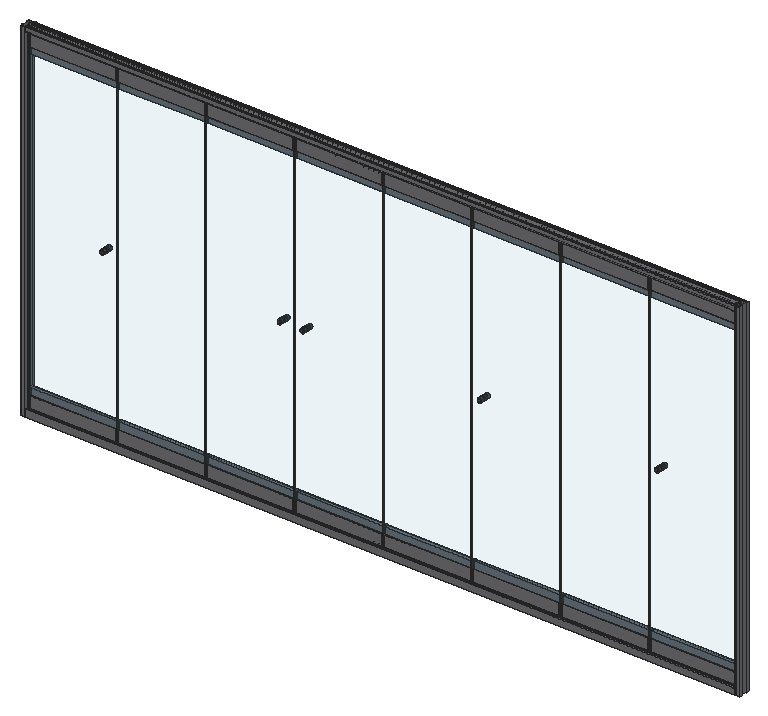
Revit family "QFL8 RH 2380", category Doors, host Wall, Revit 2024
Family settings
  Host = Wall
  OmniClass Number = 23.30.10.00
  OmniClass Title = Doors
  Always vertical = Yes
  Cut with Voids When Loaded = No
  Shared = No
  Room Calculation Point = No
Parameters
  Function = Interior
  Frame Projection Ext. = 25 mm
  Frame Projection Int. = 25 mm
  Frame Width = 75 mm
  Height = 2383 mm
  Wall Closure = By host
  Width = 4914 mm
  Define Thermal Properties by = Schematic Type
  Analytic Construction = "<None>"
Reference planes
  plane 1: y = 0
  plane 2 "Center (Left/Right)": x = 0
  plane 3 "Left": x = -2457
  plane 4 "Right": x = 2457
  plane 5: z = 2383
  plane 6 "Exterior": y = 75
  plane 7 "Interior": y = -75
Forms (mm)
  Extrusion 1, solid, material "ALUMINIUM CHAR (TEST)"
    sketch origin (-0.37, 0, 0) x (1, 0, 0) y (0, 1, 0)
      loop
        line (2457.37, 37.5) -> (2427.37, 37.5) -> (2427.37, 34.4) -> (2428.37, 34.4) -> (2428.37, 35.9) -> (2429.87, 35.9) -> (2429.87, 28.3) -> (2428.37, 28.3) -> (2428.37, 29.8) -> (2427.37, 29.8) -> (2427.37, 1.2) -> (2428.37, 1.2) -> (2428.37, 2.7) -> (2429.87, 2.7) -> (2429.87, -4.9) -> (2428.37, -4.9) -> (2428.37, -3.4) -> (2427.37, -3.4) -> (2427.37, -13.1) -> (2423.37, -13.1) -> (2423.37, -11)
        arc (2423.37, -11) -> (2423.224, -10.646) -> (2422.87, -10.5) r 0.5
        line (2422.87, -10.5) -> (2420.12, -10.5) -> (2420.12, -11.5) -> (2421.72, -11.5) -> (2421.72, -13.1) -> (2414.02, -13.1) -> (2414.02, -11.5) -> (2415.62, -11.5) -> (2415.62, -10.5) -> (2412.87, -10.5)
        arc (2412.87, -10.5) -> (2412.517, -10.646) -> (2412.37, -11) r 0.5
        line (2412.37, -11) -> (2412.37, -14.4)
        arc (2412.37, -14.4) -> (2412.517, -14.754) -> (2412.87, -14.9) r 0.5
        line (2412.87, -14.9) -> (2427.37, -14.9) -> (2427.37, -37.5) -> (2457.37, -37.5) -> (2457.37, -22) -> (2455.87, -22) -> (2455.87, -24.5) -> (2452.87, -24.5) -> (2452.87, 24.5) -> (2455.87, 24.5) -> (2455.87, 22) -> (2457.37, 22) -> (2457.37, 37.5)
      loop
        line (2455.37, 26.3) -> (2455.37, 35.5) -> (2431.67, 35.5) -> (2431.67, 27.7)
        arc (2431.67, 27.7) -> (2431.377, 26.993) -> (2430.67, 26.7) r 1
        line (2430.67, 26.7) -> (2429.37, 26.7) -> (2429.37, 4.3) -> (2430.67, 4.3)
        arc (2430.67, 4.3) -> (2431.377, 4.007) -> (2431.67, 3.3) r 1
        line (2431.67, 3.3) -> (2431.67, -5.5)
        arc (2431.67, -5.5) -> (2431.377, -6.207) -> (2430.67, -6.5) r 1
        line (2430.67, -6.5) -> (2429.17, -6.5) -> (2429.17, -35.5) -> (2455.37, -35.5) -> (2455.37, -26.3) -> (2452.47, -26.3)
        arc (2452.47, -26.3) -> (2451.48, -25.89) -> (2451.07, -24.9) r 1.4
        line (2451.07, -24.9) -> (2451.07, 24.9)
        arc (2451.07, 24.9) -> (2451.48, 25.89) -> (2452.47, 26.3) r 1.4
        line (2452.47, 26.3) -> (2455.37, 26.3)
      loop
        line (-2456.63, 37.5) -> (-2456.63, 22) -> (-2455.13, 22) -> (-2455.13, 24.5) -> (-2452.13, 24.5) -> (-2452.13, -24.5) -> (-2455.13, -24.5) -> (-2455.13, -22) -> (-2456.63, -22) -> (-2456.63, -37.5) -> (-2426.63, -37.5) -> (-2426.63, -14.9) -> (-2412.13, -14.9)
        arc (-2412.13, -14.9) -> (-2411.776, -14.754) -> (-2411.63, -14.4) r 0.5
        line (-2411.63, -14.4) -> (-2411.63, -11)
        arc (-2411.63, -11) -> (-2411.776, -10.646) -> (-2412.13, -10.5) r 0.5
        line (-2412.13, -10.5) -> (-2414.88, -10.5) -> (-2414.88, -11.5) -> (-2413.28, -11.5) -> (-2413.28, -13.1) -> (-2420.98, -13.1) -> (-2420.98, -11.5) -> (-2419.38, -11.5) -> (-2419.38, -10.5) -> (-2422.13, -10.5)
        arc (-2422.13, -10.5) -> (-2422.483, -10.646) -> (-2422.63, -11) r 0.5
        line (-2422.63, -11) -> (-2422.63, -13.1) -> (-2426.63, -13.1) -> (-2426.63, -3.4) -> (-2427.63, -3.4) -> (-2427.63, -4.9) -> (-2429.13, -4.9) -> (-2429.13, 2.7) -> (-2427.63, 2.7) -> (-2427.63, 1.2) -> (-2426.63, 1.2) -> (-2426.63, 29.8) -> (-2427.63, 29.8) -> (-2427.63, 28.3) -> (-2429.13, 28.3) -> (-2429.13, 35.9) -> (-2427.63, 35.9) -> (-2427.63, 34.4) -> (-2426.63, 34.4) -> (-2426.63, 37.5) -> (-2456.63, 37.5)
      loop
        line (-2454.63, 26.3) -> (-2451.73, 26.3)
        arc (-2451.73, 26.3) -> (-2450.74, 25.89) -> (-2450.33, 24.9) r 1.4
        line (-2450.33, 24.9) -> (-2450.33, -24.9)
        arc (-2450.33, -24.9) -> (-2450.74, -25.89) -> (-2451.73, -26.3) r 1.4
        line (-2451.73, -26.3) -> (-2454.63, -26.3) -> (-2454.63, -35.5) -> (-2428.43, -35.5) -> (-2428.43, -6.5) -> (-2429.93, -6.5)
        arc (-2429.93, -6.5) -> (-2430.637, -6.207) -> (-2430.93, -5.5) r 1
        line (-2430.93, -5.5) -> (-2430.93, 3.3)
        arc (-2430.93, 3.3) -> (-2430.637, 4.007) -> (-2429.93, 4.3) r 1
        line (-2429.93, 4.3) -> (-2428.63, 4.3) -> (-2428.63, 26.7) -> (-2429.93, 26.7)
        arc (-2429.93, 26.7) -> (-2430.637, 26.993) -> (-2430.93, 27.7) r 1
        line (-2430.93, 27.7) -> (-2430.93, 35.5) -> (-2454.63, 35.5) -> (-2454.63, 26.3)
    from 0 to 2383
  Extrusion 2, solid, material "ALUMINIUM CHAR (TEST)"
    sketch origin (-943.37, 0, 0) x (0, -1, 0) y (0, 0, 1)
      loop
        line (-36.55, 18) -> (-36.55, 20.5) -> (-37.5, 20.5) -> (-37.5, 0) -> (-35.5, 0) -> (-35.5, 2) -> (-13.5, 2) -> (-13.5, 0) -> (-11.5, 0) -> (-11.5, 2) -> (10.5, 2) -> (10.5, 0) -> (12.5, 0) -> (12.5, 2) -> (35.5, 2) -> (35.5, 0) -> (37.5, 0) -> (37.5, 44.5)
        arc (37.5, 44.5) -> (37.354, 44.854) -> (37, 45) r 0.5
        line (37, 45) -> (32.199, 45) -> (31.492, 44.5) -> (26.524, 44.5) -> (25.817, 45) -> (22.199, 45) -> (21.492, 44.5) -> (16.524, 44.5) -> (15.817, 44.999) -> (11.001, 44.999)
        arc (11.001, 44.999) -> (10.648, 44.853) -> (10.502, 44.501) r 0.499
        line (10.502, 44.501) -> (10.502, 41.75) -> (11.5, 41.75) -> (11.5, 43.35) -> (13.1, 43.35) -> (13.1, 35.65) -> (11.5, 35.65) -> (11.5, 37.25) -> (10.5, 37.25) -> (10.5, 11.9)
        arc (10.5, 11.9) -> (10.061, 10.839) -> (9, 10.4) r 1.5
        line (9, 10.4) -> (3, 10.4)
        arc (3, 10.4) -> (1.939, 10.839) -> (1.5, 11.9) r 1.5
        line (1.5, 11.9) -> (1.5, 20)
        arc (1.5, 20) -> (0.851, 21.475) -> (-0.674, 21.992) r 2
        line (-0.674, 21.992) -> (-9.95, 20.504) -> (-9.95, 18) -> (-36.55, 18)
      loop
        line (10.5, 4.2) -> (10.5, 8.4) -> (3, 8.4)
        arc (3, 8.4) -> (0.525, 9.425) -> (-0.5, 11.9) r 3.5
        line (-0.5, 11.9) -> (-0.5, 20.057) -> (-7.95, 18.629) -> (-7.95, 16) -> (-35.5, 16) -> (-35.5, 4.2) -> (10.5, 4.2)
      loop
        line (12.5, 4.2) -> (35.5, 4.2) -> (35.5, 43) -> (15.1, 43) -> (15.1, 34) -> (12.5, 34) -> (12.5, 4.2)
      loop
        arc (-37.5, 2354) -> (-37.207, 2353.293) -> (-36.5, 2353) r 1
        line (-36.5, 2353) -> (-34.25, 2353) -> (-34.25, 2354) -> (-35.85, 2354) -> (-35.85, 2355.6) -> (-28.15, 2355.6) -> (-28.15, 2354) -> (-29.75, 2354) -> (-29.75, 2353) -> (-25.9, 2353)
        arc (-25.9, 2353) -> (-24.486, 2353.586) -> (-23.9, 2355) r 2
        line (-23.9, 2355) -> (-23.9, 2376.2)
        arc (-23.9, 2376.2) -> (-23.754, 2376.554) -> (-23.4, 2376.7) r 0.5
        line (-23.4, 2376.7) -> (-6.85, 2376.7) -> (-6.85, 2355)
        arc (-6.85, 2355) -> (-6.264, 2353.586) -> (-4.85, 2353) r 2
        line (-4.85, 2353) -> (13.1, 2353) -> (13.1, 2349) -> (11, 2349)
        arc (11, 2349) -> (10.646, 2348.854) -> (10.5, 2348.5) r 0.5
        line (10.5, 2348.5) -> (10.5, 2345.75) -> (11.5, 2345.75) -> (11.5, 2347.35) -> (13.1, 2347.35) -> (13.1, 2339.65) -> (11.5, 2339.65) -> (11.5, 2341.25) -> (10.5, 2341.25) -> (10.5, 2338.5)
        arc (10.5, 2338.5) -> (10.646, 2338.146) -> (11, 2338) r 0.5
        line (11, 2338) -> (14.4, 2338)
        arc (14.4, 2338) -> (14.754, 2338.146) -> (14.9, 2338.5) r 0.5
        line (14.9, 2338.5) -> (14.9, 2353) -> (36.5, 2353)
        arc (36.5, 2353) -> (37.207, 2353.293) -> (37.5, 2354) r 1
        line (37.5, 2354) -> (37.5, 2383) -> (22, 2383) -> (22, 2381.5) -> (24.5, 2381.5) -> (24.5, 2378.5) -> (-24.5, 2378.5) -> (-24.5, 2381.5) -> (-22, 2381.5) -> (-22, 2383) -> (-25.4, 2383)
        arc (-25.4, 2383) -> (-26.107, 2382.707) -> (-26.4, 2382) r 1
        line (-26.4, 2382) -> (-26.4, 2370.5)
        arc (-26.4, 2370.5) -> (-26.546, 2370.146) -> (-26.9, 2370) r 0.5
        line (-26.9, 2370) -> (-35, 2370)
        arc (-35, 2370) -> (-35.354, 2370.146) -> (-35.5, 2370.5) r 0.5
        line (-35.5, 2370.5) -> (-35.5, 2380.5)
        arc (-35.5, 2380.5) -> (-35.354, 2380.854) -> (-35, 2381) r 0.5
        line (-35, 2381) -> (-33.5, 2381) -> (-33.5, 2383) -> (-36.5, 2383)
        arc (-36.5, 2383) -> (-37.207, 2382.707) -> (-37.5, 2382) r 1
        line (-37.5, 2382) -> (-37.5, 2354)
      loop
        line (35.5, 2355) -> (35.5, 2381) -> (26.3, 2381) -> (26.3, 2378.1)
        arc (26.3, 2378.1) -> (25.89, 2377.11) -> (24.9, 2376.7) r 1.4
        line (24.9, 2376.7) -> (-4.85, 2376.7) -> (-4.85, 2355.5)
        arc (-4.85, 2355.5) -> (-4.704, 2355.146) -> (-4.35, 2355) r 0.5
        line (-4.35, 2355) -> (35.5, 2355)
      loop
        line (-26.4, 2357.2) -> (-26.4, 2367.5)
        arc (-26.4, 2367.5) -> (-26.546, 2367.854) -> (-26.9, 2368) r 0.5
        line (-26.9, 2368) -> (-35, 2368)
        arc (-35, 2368) -> (-35.354, 2367.854) -> (-35.5, 2367.5) r 0.5
        line (-35.5, 2367.5) -> (-35.5, 2357.2) -> (-26.4, 2357.2)
    from -3370.37 to 1483.63
  Extrusion 3, solid, material "ALUMINIUM CHAR (TEST)"
    sketch origin (597, 0, 0) x (0, -1, 0) y (0, 0, 1)
      loop
        line (10.504, 2344) -> (8.704, 2344) -> (8.704, 2342) -> (5.604, 2342) -> (5.604, 2340.4) -> (8.754, 2340.4) -> (8.754, 2328.033) -> (8.2, 2326.985) -> (8.2, 2324) -> (-31.196, 2324) -> (-31.196, 2326.92) -> (-31.705, 2327.883) -> (-31.705, 2340.4) -> (-28.596, 2340.4) -> (-28.596, 2342) -> (-31.696, 2342) -> (-31.696, 2344) -> (-33.496, 2344) -> (-33.496, 2219) -> (-23.496, 2209) -> (2.504, 2209) -> (2.504, 2254) -> (10.504, 2254) -> (10.504, 2344)
      loop
        line (8.714, 2256) -> (8.714, 2322.2) -> (-31.705, 2322.2) -> (-31.705, 2220.038) -> (-22.467, 2210.8) -> (0.504, 2210.8) -> (0.504, 2256) -> (8.714, 2256)
      loop
        line (10.504, 31) -> (10.504, 121) -> (2.504, 121) -> (2.504, 166) -> (-23.496, 166) -> (-33.496, 156) -> (-33.496, 31) -> (-31.696, 31) -> (-31.696, 33) -> (-28.596, 33) -> (-28.596, 34.6) -> (-31.705, 34.6) -> (-31.705, 47.117) -> (-31.196, 48.08) -> (-31.196, 51) -> (8.2, 51) -> (8.2, 48.015) -> (8.754, 46.967) -> (8.754, 34.6) -> (5.604, 34.6) -> (5.604, 33) -> (8.704, 33) -> (8.704, 31) -> (10.504, 31)
      loop
        line (8.714, 119) -> (0.504, 119) -> (0.504, 164.2) -> (-22.467, 164.2) -> (-31.705, 154.962) -> (-31.705, 52.8) -> (8.714, 52.8) -> (8.714, 119)
    from -1 to 589
  Extrusion 4, solid, material "ALUMINIUM CHAR (TEST)"
    sketch origin (598, 0, 0) x (0, -1, 0) y (0, 0, -1)
      loop
        line (-33.496, -156) -> (-23.496, -166) -> (2.504, -166) -> (2.504, -121) -> (10.504, -121) -> (10.504, -31) -> (5.604, -31) -> (5.604, -51) -> (-28.596, -51) -> (-28.596, -31) -> (-33.496, -31) -> (-33.496, -156)
      loop
        line (-33.496, -2344) -> (-28.596, -2344) -> (-28.596, -2324) -> (5.604, -2324) -> (5.604, -2344) -> (10.504, -2344) -> (10.504, -2254) -> (2.504, -2254) -> (2.504, -2209) -> (-23.496, -2209) -> (-33.496, -2219) -> (-33.496, -2344)
    from 0 to 5
  Extrusion 5, solid, material "ALUMINIUM CHAR (TEST)"
    sketch origin (8, 0, 0) x (0, -1, 0) y (0, 0, 1)
      loop
        line (-33.496, 156) -> (-33.496, 31) -> (-28.596, 31) -> (-28.596, 51) -> (5.604, 51) -> (5.604, 31) -> (10.504, 31) -> (10.504, 121) -> (2.504, 121) -> (2.504, 166) -> (-23.496, 166) -> (-33.496, 156)
      loop
        line (-33.496, 2344) -> (-33.496, 2219) -> (-23.496, 2209) -> (2.504, 2209) -> (2.504, 2254) -> (10.504, 2254) -> (10.504, 2344) -> (5.604, 2344) -> (5.604, 2324) -> (-28.596, 2324) -> (-28.596, 2344) -> (-33.496, 2344)
    from 0 to 5
  Extrusion 6, solid, material "ALUMINIUM CHAR (TEST)"
    sketch origin (1203, 0, 0) x (0, -1, 0) y (0, 0, 1)
      loop
        line (10.504, 2344) -> (8.704, 2344) -> (8.704, 2342) -> (5.604, 2342) -> (5.604, 2340.4) -> (8.754, 2340.4) -> (8.754, 2328.033) -> (8.2, 2326.985) -> (8.2, 2324) -> (-31.196, 2324) -> (-31.196, 2326.92) -> (-31.705, 2327.883) -> (-31.705, 2340.4) -> (-28.596, 2340.4) -> (-28.596, 2342) -> (-31.696, 2342) -> (-31.696, 2344) -> (-33.496, 2344) -> (-33.496, 2219) -> (-23.496, 2209) -> (2.504, 2209) -> (2.504, 2254) -> (10.504, 2254) -> (10.504, 2344)
      loop
        line (8.714, 2256) -> (8.714, 2322.2) -> (-31.705, 2322.2) -> (-31.705, 2220.038) -> (-22.467, 2210.8) -> (0.504, 2210.8) -> (0.504, 2256) -> (8.714, 2256)
      loop
        line (10.504, 31) -> (10.504, 121) -> (2.504, 121) -> (2.504, 166) -> (-23.496, 166) -> (-33.496, 156) -> (-33.496, 31) -> (-31.696, 31) -> (-31.696, 33) -> (-28.596, 33) -> (-28.596, 34.6) -> (-31.705, 34.6) -> (-31.705, 47.117) -> (-31.196, 48.08) -> (-31.196, 51) -> (8.2, 51) -> (8.2, 48.015) -> (8.754, 46.967) -> (8.754, 34.6) -> (5.604, 34.6) -> (5.604, 33) -> (8.704, 33) -> (8.704, 31) -> (10.504, 31)
      loop
        line (8.714, 119) -> (0.504, 119) -> (0.504, 164.2) -> (-22.467, 164.2) -> (-31.705, 154.962) -> (-31.705, 52.8) -> (8.714, 52.8) -> (8.714, 119)
    from -1 to 589
  Extrusion 7, solid, material "ALUMINIUM CHAR (TEST)"
    sketch origin (1204, 0, 0) x (0, -1, 0) y (0, 0, -1)
      loop
        line (-33.496, -156) -> (-23.496, -166) -> (2.504, -166) -> (2.504, -121) -> (10.504, -121) -> (10.504, -31) -> (5.604, -31) -> (5.604, -51) -> (-28.596, -51) -> (-28.596, -31) -> (-33.496, -31) -> (-33.496, -156)
      loop
        line (-33.496, -2344) -> (-28.596, -2344) -> (-28.596, -2324) -> (5.604, -2324) -> (5.604, -2344) -> (10.504, -2344) -> (10.504, -2254) -> (2.504, -2254) -> (2.504, -2209) -> (-23.496, -2209) -> (-33.496, -2219) -> (-33.496, -2344)
    from 0 to 5
  Extrusion 8, solid, material "ALUMINIUM CHAR (TEST)"
    sketch origin (614, 0, 0) x (0, -1, 0) y (0, 0, 1)
      loop
        line (-33.496, 156) -> (-33.496, 31) -> (-28.596, 31) -> (-28.596, 51) -> (5.604, 51) -> (5.604, 31) -> (10.504, 31) -> (10.504, 121) -> (2.504, 121) -> (2.504, 166) -> (-23.496, 166) -> (-33.496, 156)
      loop
        line (-33.496, 2344) -> (-33.496, 2219) -> (-23.496, 2209) -> (2.504, 2209) -> (2.504, 2254) -> (10.504, 2254) -> (10.504, 2344) -> (5.604, 2344) -> (5.604, 2324) -> (-28.596, 2324) -> (-28.596, 2344) -> (-33.496, 2344)
    from 0 to 5
  Extrusion 9, solid, material "ALUMINIUM CHAR (TEST)"
    sketch origin (1809, 0, 0) x (0, -1, 0) y (0, 0, 1)
      loop
        line (10.504, 2344) -> (8.704, 2344) -> (8.704, 2342) -> (5.604, 2342) -> (5.604, 2340.4) -> (8.754, 2340.4) -> (8.754, 2328.033) -> (8.2, 2326.985) -> (8.2, 2324) -> (-31.196, 2324) -> (-31.196, 2326.92) -> (-31.705, 2327.883) -> (-31.705, 2340.4) -> (-28.596, 2340.4) -> (-28.596, 2342) -> (-31.696, 2342) -> (-31.696, 2344) -> (-33.496, 2344) -> (-33.496, 2219) -> (-23.496, 2209) -> (2.504, 2209) -> (2.504, 2254) -> (10.504, 2254) -> (10.504, 2344)
      loop
        line (8.714, 2256) -> (8.714, 2322.2) -> (-31.705, 2322.2) -> (-31.705, 2220.038) -> (-22.467, 2210.8) -> (0.504, 2210.8) -> (0.504, 2256) -> (8.714, 2256)
      loop
        line (10.504, 31) -> (10.504, 121) -> (2.504, 121) -> (2.504, 166) -> (-23.496, 166) -> (-33.496, 156) -> (-33.496, 31) -> (-31.696, 31) -> (-31.696, 33) -> (-28.596, 33) -> (-28.596, 34.6) -> (-31.705, 34.6) -> (-31.705, 47.117) -> (-31.196, 48.08) -> (-31.196, 51) -> (8.2, 51) -> (8.2, 48.015) -> (8.754, 46.967) -> (8.754, 34.6) -> (5.604, 34.6) -> (5.604, 33) -> (8.704, 33) -> (8.704, 31) -> (10.504, 31)
      loop
        line (8.714, 119) -> (0.504, 119) -> (0.504, 164.2) -> (-22.467, 164.2) -> (-31.705, 154.962) -> (-31.705, 52.8) -> (8.714, 52.8) -> (8.714, 119)
    from -1 to 589
  Extrusion 10, solid, material "ALUMINIUM CHAR (TEST)"
    sketch origin (1810, 0, 0) x (0, -1, 0) y (0, 0, -1)
      loop
        line (-33.496, -156) -> (-23.496, -166) -> (2.504, -166) -> (2.504, -121) -> (10.504, -121) -> (10.504, -31) -> (5.604, -31) -> (5.604, -51) -> (-28.596, -51) -> (-28.596, -31) -> (-33.496, -31) -> (-33.496, -156)
      loop
        line (-33.496, -2344) -> (-28.596, -2344) -> (-28.596, -2324) -> (5.604, -2324) -> (5.604, -2344) -> (10.504, -2344) -> (10.504, -2254) -> (2.504, -2254) -> (2.504, -2209) -> (-23.496, -2209) -> (-33.496, -2219) -> (-33.496, -2344)
    from 0 to 5
  Extrusion 11, solid, material "ALUMINIUM CHAR (TEST)"
    sketch origin (1220, 0, 0) x (0, -1, 0) y (0, 0, 1)
      loop
        line (-33.496, 156) -> (-33.496, 31) -> (-28.596, 31) -> (-28.596, 51) -> (5.604, 51) -> (5.604, 31) -> (10.504, 31) -> (10.504, 121) -> (2.504, 121) -> (2.504, 166) -> (-23.496, 166) -> (-33.496, 156)
      loop
        line (-33.496, 2344) -> (-33.496, 2219) -> (-23.496, 2209) -> (2.504, 2209) -> (2.504, 2254) -> (10.504, 2254) -> (10.504, 2344) -> (5.604, 2344) -> (5.604, 2324) -> (-28.596, 2324) -> (-28.596, 2344) -> (-33.496, 2344)
    from 0 to 5
  Extrusion 12, solid, material "ALUMINIUM CHAR (TEST)"
    sketch origin (2415, 0, 0) x (0, -1, 0) y (0, 0, 1)
      loop
        line (10.504, 2344) -> (8.704, 2344) -> (8.704, 2342) -> (5.604, 2342) -> (5.604, 2340.4) -> (8.754, 2340.4) -> (8.754, 2328.033) -> (8.2, 2326.985) -> (8.2, 2324) -> (-31.196, 2324) -> (-31.196, 2326.92) -> (-31.705, 2327.883) -> (-31.705, 2340.4) -> (-28.596, 2340.4) -> (-28.596, 2342) -> (-31.696, 2342) -> (-31.696, 2344) -> (-33.496, 2344) -> (-33.496, 2219) -> (-23.496, 2209) -> (2.504, 2209) -> (2.504, 2254) -> (10.504, 2254) -> (10.504, 2344)
      loop
        line (8.714, 2256) -> (8.714, 2322.2) -> (-31.705, 2322.2) -> (-31.705, 2220.038) -> (-22.467, 2210.8) -> (0.504, 2210.8) -> (0.504, 2256) -> (8.714, 2256)
      loop
        line (10.504, 31) -> (10.504, 121) -> (2.504, 121) -> (2.504, 166) -> (-23.496, 166) -> (-33.496, 156) -> (-33.496, 31) -> (-31.696, 31) -> (-31.696, 33) -> (-28.596, 33) -> (-28.596, 34.6) -> (-31.705, 34.6) -> (-31.705, 47.117) -> (-31.196, 48.08) -> (-31.196, 51) -> (8.2, 51) -> (8.2, 48.015) -> (8.754, 46.967) -> (8.754, 34.6) -> (5.604, 34.6) -> (5.604, 33) -> (8.704, 33) -> (8.704, 31) -> (10.504, 31)
      loop
        line (8.714, 119) -> (0.504, 119) -> (0.504, 164.2) -> (-22.467, 164.2) -> (-31.705, 154.962) -> (-31.705, 52.8) -> (8.714, 52.8) -> (8.714, 119)
    from -1 to 589
  Extrusion 13, solid, material "ALUMINIUM CHAR (TEST)"
    sketch origin (2416, 0, 0) x (0, -1, 0) y (0, 0, -1)
      loop
        line (-33.496, -156) -> (-23.496, -166) -> (2.504, -166) -> (2.504, -121) -> (10.504, -121) -> (10.504, -31) -> (5.604, -31) -> (5.604, -51) -> (-28.596, -51) -> (-28.596, -31) -> (-33.496, -31) -> (-33.496, -156)
      loop
        line (-33.496, -2344) -> (-28.596, -2344) -> (-28.596, -2324) -> (5.604, -2324) -> (5.604, -2344) -> (10.504, -2344) -> (10.504, -2254) -> (2.504, -2254) -> (2.504, -2209) -> (-23.496, -2209) -> (-33.496, -2219) -> (-33.496, -2344)
    from 0 to 5
  Extrusion 14, solid, material "ALUMINIUM CHAR (TEST)"
    sketch origin (1826, 0, 0) x (0, -1, 0) y (0, 0, 1)
      loop
        line (-33.496, 156) -> (-33.496, 31) -> (-28.596, 31) -> (-28.596, 51) -> (5.604, 51) -> (5.604, 31) -> (10.504, 31) -> (10.504, 121) -> (2.504, 121) -> (2.504, 166) -> (-23.496, 166) -> (-33.496, 156)
      loop
        line (-33.496, 2344) -> (-33.496, 2219) -> (-23.496, 2209) -> (2.504, 2209) -> (2.504, 2254) -> (10.504, 2254) -> (10.504, 2344) -> (5.604, 2344) -> (5.604, 2324) -> (-28.596, 2324) -> (-28.596, 2344) -> (-33.496, 2344)
    from 0 to 5
  Extrusion 15, solid, material "ALUMINIUM CHAR (TEST)"
    sketch origin (-597, 0, 0) x (0, -1, 0) y (0, 0, -1)
      loop
        line (10.504, -2344) -> (10.504, -2254) -> (2.504, -2254) -> (2.504, -2209) -> (-23.496, -2209) -> (-33.496, -2219) -> (-33.496, -2344) -> (-31.696, -2344) -> (-31.696, -2342) -> (-28.596, -2342) -> (-28.596, -2340.4) -> (-31.705, -2340.4) -> (-31.705, -2327.883) -> (-31.196, -2326.92) -> (-31.196, -2324) -> (8.2, -2324) -> (8.2, -2326.985) -> (8.754, -2328.033) -> (8.754, -2340.4) -> (5.604, -2340.4) -> (5.604, -2342) -> (8.704, -2342) -> (8.704, -2344) -> (10.504, -2344)
      loop
        line (8.714, -2256) -> (0.504, -2256) -> (0.504, -2210.8) -> (-22.467, -2210.8) -> (-31.705, -2220.038) -> (-31.705, -2322.2) -> (8.714, -2322.2) -> (8.714, -2256)
      loop
        line (10.504, -31) -> (8.704, -31) -> (8.704, -33) -> (5.604, -33) -> (5.604, -34.6) -> (8.754, -34.6) -> (8.754, -46.967) -> (8.2, -48.015) -> (8.2, -51) -> (-31.196, -51) -> (-31.196, -48.08) -> (-31.705, -47.117) -> (-31.705, -34.6) -> (-28.596, -34.6) -> (-28.596, -33) -> (-31.696, -33) -> (-31.696, -31) -> (-33.496, -31) -> (-33.496, -156) -> (-23.496, -166) -> (2.504, -166) -> (2.504, -121) -> (10.504, -121) -> (10.504, -31)
      loop
        line (8.714, -119) -> (8.714, -52.8) -> (-31.705, -52.8) -> (-31.705, -154.962) -> (-22.467, -164.2) -> (0.504, -164.2) -> (0.504, -119) -> (8.714, -119)
    from -1 to 589
  Extrusion 16, solid, material "ALUMINIUM CHAR (TEST)"
    sketch origin (-598, 0, 0) x (0, -1, 0) y (0, 0, 1)
      loop
        line (-33.496, 156) -> (-33.496, 31) -> (-28.596, 31) -> (-28.596, 51) -> (5.604, 51) -> (5.604, 31) -> (10.504, 31) -> (10.504, 121) -> (2.504, 121) -> (2.504, 166) -> (-23.496, 166) -> (-33.496, 156)
      loop
        line (-33.496, 2344) -> (-33.496, 2219) -> (-23.496, 2209) -> (2.504, 2209) -> (2.504, 2254) -> (10.504, 2254) -> (10.504, 2344) -> (5.604, 2344) -> (5.604, 2324) -> (-28.596, 2324) -> (-28.596, 2344) -> (-33.496, 2344)
    from 0 to 5
  Extrusion 17, solid, material "ALUMINIUM CHAR (TEST)"
    sketch origin (-8, 0, 0) x (0, -1, 0) y (0, 0, -1)
      loop
        line (-33.496, -156) -> (-23.496, -166) -> (2.504, -166) -> (2.504, -121) -> (10.504, -121) -> (10.504, -31) -> (5.604, -31) -> (5.604, -51) -> (-28.596, -51) -> (-28.596, -31) -> (-33.496, -31) -> (-33.496, -156)
      loop
        line (-33.496, -2344) -> (-28.596, -2344) -> (-28.596, -2324) -> (5.604, -2324) -> (5.604, -2344) -> (10.504, -2344) -> (10.504, -2254) -> (2.504, -2254) -> (2.504, -2209) -> (-23.496, -2209) -> (-33.496, -2219) -> (-33.496, -2344)
    from 0 to 5
  Extrusion 18, solid, material "ALUMINIUM CHAR (TEST)"
    sketch origin (-1203, 0, 0) x (0, -1, 0) y (0, 0, -1)
      loop
        line (10.504, -2344) -> (10.504, -2254) -> (2.504, -2254) -> (2.504, -2209) -> (-23.496, -2209) -> (-33.496, -2219) -> (-33.496, -2344) -> (-31.696, -2344) -> (-31.696, -2342) -> (-28.596, -2342) -> (-28.596, -2340.4) -> (-31.705, -2340.4) -> (-31.705, -2327.883) -> (-31.196, -2326.92) -> (-31.196, -2324) -> (8.2, -2324) -> (8.2, -2326.985) -> (8.754, -2328.033) -> (8.754, -2340.4) -> (5.604, -2340.4) -> (5.604, -2342) -> (8.704, -2342) -> (8.704, -2344) -> (10.504, -2344)
      loop
        line (8.714, -2256) -> (0.504, -2256) -> (0.504, -2210.8) -> (-22.467, -2210.8) -> (-31.705, -2220.038) -> (-31.705, -2322.2) -> (8.714, -2322.2) -> (8.714, -2256)
      loop
        line (10.504, -31) -> (8.704, -31) -> (8.704, -33) -> (5.604, -33) -> (5.604, -34.6) -> (8.754, -34.6) -> (8.754, -46.967) -> (8.2, -48.015) -> (8.2, -51) -> (-31.196, -51) -> (-31.196, -48.08) -> (-31.705, -47.117) -> (-31.705, -34.6) -> (-28.596, -34.6) -> (-28.596, -33) -> (-31.696, -33) -> (-31.696, -31) -> (-33.496, -31) -> (-33.496, -156) -> (-23.496, -166) -> (2.504, -166) -> (2.504, -121) -> (10.504, -121) -> (10.504, -31)
      loop
        line (8.714, -119) -> (8.714, -52.8) -> (-31.705, -52.8) -> (-31.705, -154.962) -> (-22.467, -164.2) -> (0.504, -164.2) -> (0.504, -119) -> (8.714, -119)
    from -1 to 589
  Extrusion 19, solid, material "ALUMINIUM CHAR (TEST)"
    sketch origin (-1204, 0, 0) x (0, -1, 0) y (0, 0, 1)
      loop
        line (-33.496, 156) -> (-33.496, 31) -> (-28.596, 31) -> (-28.596, 51) -> (5.604, 51) -> (5.604, 31) -> (10.504, 31) -> (10.504, 121) -> (2.504, 121) -> (2.504, 166) -> (-23.496, 166) -> (-33.496, 156)
      loop
        line (-33.496, 2344) -> (-33.496, 2219) -> (-23.496, 2209) -> (2.504, 2209) -> (2.504, 2254) -> (10.504, 2254) -> (10.504, 2344) -> (5.604, 2344) -> (5.604, 2324) -> (-28.596, 2324) -> (-28.596, 2344) -> (-33.496, 2344)
    from 0 to 5
  Extrusion 20, solid, material "ALUMINIUM CHAR (TEST)"
    sketch origin (-614, 0, 0) x (0, -1, 0) y (0, 0, -1)
      loop
        line (-33.496, -156) -> (-23.496, -166) -> (2.504, -166) -> (2.504, -121) -> (10.504, -121) -> (10.504, -31) -> (5.604, -31) -> (5.604, -51) -> (-28.596, -51) -> (-28.596, -31) -> (-33.496, -31) -> (-33.496, -156)
      loop
        line (-33.496, -2344) -> (-28.596, -2344) -> (-28.596, -2324) -> (5.604, -2324) -> (5.604, -2344) -> (10.504, -2344) -> (10.504, -2254) -> (2.504, -2254) -> (2.504, -2209) -> (-23.496, -2209) -> (-33.496, -2219) -> (-33.496, -2344)
    from 0 to 5
  Extrusion 21, solid, material "ALUMINIUM CHAR (TEST)"
    sketch origin (-1809, 0, 0) x (0, -1, 0) y (0, 0, -1)
      loop
        line (10.504, -2344) -> (10.504, -2254) -> (2.504, -2254) -> (2.504, -2209) -> (-23.496, -2209) -> (-33.496, -2219) -> (-33.496, -2344) -> (-31.696, -2344) -> (-31.696, -2342) -> (-28.596, -2342) -> (-28.596, -2340.4) -> (-31.705, -2340.4) -> (-31.705, -2327.883) -> (-31.196, -2326.92) -> (-31.196, -2324) -> (8.2, -2324) -> (8.2, -2326.985) -> (8.754, -2328.033) -> (8.754, -2340.4) -> (5.604, -2340.4) -> (5.604, -2342) -> (8.704, -2342) -> (8.704, -2344) -> (10.504, -2344)
      loop
        line (8.714, -2256) -> (0.504, -2256) -> (0.504, -2210.8) -> (-22.467, -2210.8) -> (-31.705, -2220.038) -> (-31.705, -2322.2) -> (8.714, -2322.2) -> (8.714, -2256)
      loop
        line (10.504, -31) -> (8.704, -31) -> (8.704, -33) -> (5.604, -33) -> (5.604, -34.6) -> (8.754, -34.6) -> (8.754, -46.967) -> (8.2, -48.015) -> (8.2, -51) -> (-31.196, -51) -> (-31.196, -48.08) -> (-31.705, -47.117) -> (-31.705, -34.6) -> (-28.596, -34.6) -> (-28.596, -33) -> (-31.696, -33) -> (-31.696, -31) -> (-33.496, -31) -> (-33.496, -156) -> (-23.496, -166) -> (2.504, -166) -> (2.504, -121) -> (10.504, -121) -> (10.504, -31)
      loop
        line (8.714, -119) -> (8.714, -52.8) -> (-31.705, -52.8) -> (-31.705, -154.962) -> (-22.467, -164.2) -> (0.504, -164.2) -> (0.504, -119) -> (8.714, -119)
    from -1 to 589
  Extrusion 22, solid, material "ALUMINIUM CHAR (TEST)"
    sketch origin (-1810, 0, 0) x (0, -1, 0) y (0, 0, 1)
      loop
        line (-33.496, 156) -> (-33.496, 31) -> (-28.596, 31) -> (-28.596, 51) -> (5.604, 51) -> (5.604, 31) -> (10.504, 31) -> (10.504, 121) -> (2.504, 121) -> (2.504, 166) -> (-23.496, 166) -> (-33.496, 156)
      loop
        line (-33.496, 2344) -> (-33.496, 2219) -> (-23.496, 2209) -> (2.504, 2209) -> (2.504, 2254) -> (10.504, 2254) -> (10.504, 2344) -> (5.604, 2344) -> (5.604, 2324) -> (-28.596, 2324) -> (-28.596, 2344) -> (-33.496, 2344)
    from 0 to 5
  Extrusion 23, solid, material "ALUMINIUM CHAR (TEST)"
    sketch origin (-1220, 0, 0) x (0, -1, 0) y (0, 0, -1)
      loop
        line (-33.496, -156) -> (-23.496, -166) -> (2.504, -166) -> (2.504, -121) -> (10.504, -121) -> (10.504, -31) -> (5.604, -31) -> (5.604, -51) -> (-28.596, -51) -> (-28.596, -31) -> (-33.496, -31) -> (-33.496, -156)
      loop
        line (-33.496, -2344) -> (-28.596, -2344) -> (-28.596, -2324) -> (5.604, -2324) -> (5.604, -2344) -> (10.504, -2344) -> (10.504, -2254) -> (2.504, -2254) -> (2.504, -2209) -> (-23.496, -2209) -> (-33.496, -2219) -> (-33.496, -2344)
    from 0 to 5
  Extrusion 24, solid, material "ALUMINIUM CHAR (TEST)"
    sketch origin (-2415, 0, 0) x (0, -1, 0) y (0, 0, -1)
      loop
        line (10.504, -2344) -> (10.504, -2254) -> (2.504, -2254) -> (2.504, -2209) -> (-23.496, -2209) -> (-33.496, -2219) -> (-33.496, -2344) -> (-31.696, -2344) -> (-31.696, -2342) -> (-28.596, -2342) -> (-28.596, -2340.4) -> (-31.705, -2340.4) -> (-31.705, -2327.883) -> (-31.196, -2326.92) -> (-31.196, -2324) -> (8.2, -2324) -> (8.2, -2326.985) -> (8.754, -2328.033) -> (8.754, -2340.4) -> (5.604, -2340.4) -> (5.604, -2342) -> (8.704, -2342) -> (8.704, -2344) -> (10.504, -2344)
      loop
        line (8.714, -2256) -> (0.504, -2256) -> (0.504, -2210.8) -> (-22.467, -2210.8) -> (-31.705, -2220.038) -> (-31.705, -2322.2) -> (8.714, -2322.2) -> (8.714, -2256)
      loop
        line (10.504, -31) -> (8.704, -31) -> (8.704, -33) -> (5.604, -33) -> (5.604, -34.6) -> (8.754, -34.6) -> (8.754, -46.967) -> (8.2, -48.015) -> (8.2, -51) -> (-31.196, -51) -> (-31.196, -48.08) -> (-31.705, -47.117) -> (-31.705, -34.6) -> (-28.596, -34.6) -> (-28.596, -33) -> (-31.696, -33) -> (-31.696, -31) -> (-33.496, -31) -> (-33.496, -156) -> (-23.496, -166) -> (2.504, -166) -> (2.504, -121) -> (10.504, -121) -> (10.504, -31)
      loop
        line (8.714, -119) -> (8.714, -52.8) -> (-31.705, -52.8) -> (-31.705, -154.962) -> (-22.467, -164.2) -> (0.504, -164.2) -> (0.504, -119) -> (8.714, -119)
    from -1 to 589
  Extrusion 25, solid, material "Glass"
    sketch origin (-1781, 0, 0) x (0, -1, 0) y (0, 0, -1)
      loop
        line (2.504, -121) -> (2.504, -2254) -> (12.504, -2254) -> (12.504, -121) -> (2.504, -121)
    from -640 to -40
  Extrusion 26, solid, material "ALUMINIUM CHAR (TEST)"
    sketch origin (-2416, 0, 0) x (0, -1, 0) y (0, 0, 1)
      loop
        line (-33.496, 156) -> (-33.496, 31) -> (-28.596, 31) -> (-28.596, 51) -> (5.604, 51) -> (5.604, 31) -> (10.504, 31) -> (10.504, 121) -> (2.504, 121) -> (2.504, 166) -> (-23.496, 166) -> (-33.496, 156)
      loop
        line (-33.496, 2344) -> (-33.496, 2219) -> (-23.496, 2209) -> (2.504, 2209) -> (2.504, 2254) -> (10.504, 2254) -> (10.504, 2344) -> (5.604, 2344) -> (5.604, 2324) -> (-28.596, 2324) -> (-28.596, 2344) -> (-33.496, 2344)
    from 0 to 5
  Extrusion 27, solid, material "ALUMINIUM CHAR (TEST)"
    sketch origin (-1826, 0, 0) x (0, -1, 0) y (0, 0, -1)
      loop
        line (-33.496, -156) -> (-23.496, -166) -> (2.504, -166) -> (2.504, -121) -> (10.504, -121) -> (10.504, -31) -> (5.604, -31) -> (5.604, -51) -> (-28.596, -51) -> (-28.596, -31) -> (-33.496, -31) -> (-33.496, -156)
      loop
        line (-33.496, -2344) -> (-28.596, -2344) -> (-28.596, -2324) -> (5.604, -2324) -> (5.604, -2344) -> (10.504, -2344) -> (10.504, -2254) -> (2.504, -2254) -> (2.504, -2209) -> (-23.496, -2209) -> (-33.496, -2219) -> (-33.496, -2344)
    from 0 to 5
  Extrusion 28, solid, material "Glass"
    sketch origin (-1175, 0, 0) x (0, -1, 0) y (0, 0, -1)
      loop
        line (2.504, -121) -> (2.504, -2254) -> (12.504, -2254) -> (12.504, -121) -> (2.504, -121)
    from -640 to -40
  Extrusion 29, solid, material "Glass"
    sketch origin (-569, 0, 0) x (0, -1, 0) y (0, 0, -1)
      loop
        line (2.504, -121) -> (2.504, -2254) -> (12.504, -2254) -> (12.504, -121) -> (2.504, -121)
    from -640 to -40
  Extrusion 30, solid, material "Glass"
    sketch origin (37, 0, 0) x (0, -1, 0) y (0, 0, -1)
      loop
        line (2.504, -121) -> (2.504, -2254) -> (12.504, -2254) -> (12.504, -121) -> (2.504, -121)
    from -640 to -40
  Extrusion 31, solid, material "Glass"
    sketch origin (643, 0, 0) x (0, -1, 0) y (0, 0, -1)
      loop
        line (2.504, -121) -> (2.504, -2254) -> (12.504, -2254) -> (12.504, -121) -> (2.504, -121)
    from -640 to -40
  Extrusion 32, solid, material "Glass"
    sketch origin (1249, 0, 0) x (0, -1, 0) y (0, 0, -1)
      loop
        line (2.504, -121) -> (2.504, -2254) -> (12.504, -2254) -> (12.504, -121) -> (2.504, -121)
    from -640 to -40
  Extrusion 33, solid, material "Glass"
    sketch origin (1855, 0, 0) x (0, -1, 0) y (0, 0, -1)
      loop
        line (2.504, -121) -> (2.504, -2254) -> (12.504, -2254) -> (12.504, -121) -> (2.504, -121)
    from -640 to -40
  Extrusion 34, solid, material "Glass"
    sketch origin (2461, 0, 0) x (0, -1, 0) y (0, 0, -1)
      loop
        line (2.504, -121) -> (2.504, -2254) -> (12.504, -2254) -> (12.504, -121) -> (2.504, -121)
    from -640 to -40
  Revolve 35, solid, material "Metal, Powder Coated, Black"
    sketch origin (684, 140.744, 161.823) x (0, -1, 0) y (0, 0, -1)
      loop
        line (151.249, -1029.677) -> (151.249, -1044.677) -> (154.249, -1044.677) -> (159.249, -1039.677) -> (164.249, -1044.677) -> (180.249, -1044.677) -> (181.249, -1043.677) -> (181.249, -1029.677) -> (151.249, -1029.677)
      axis (181.249, -1029.677) -> (151.249, -1029.677)
    angle from 0 to 360
  Revolve 36, solid, material "Metal, Powder Coated, Black"
    sketch origin (1896, 140.744, 161.823) x (0, -1, 0) y (0, 0, -1)
      loop
        line (151.249, -1029.677) -> (151.249, -1044.677) -> (154.249, -1044.677) -> (159.249, -1039.677) -> (164.249, -1044.677) -> (180.249, -1044.677) -> (181.249, -1043.677) -> (181.249, -1029.677) -> (151.249, -1029.677)
      axis (181.249, -1029.677) -> (151.249, -1029.677)
    angle from 0 to 360
  Revolve 37, solid, material "Metal, Powder Coated, Black"
    sketch origin (-684, -153.753, 169.823) x (0, 1, 0) y (0, 0, -1)
      loop
        line (151.249, -1021.677) -> (151.249, -1036.677) -> (154.249, -1036.677) -> (159.249, -1031.677) -> (164.249, -1036.677) -> (180.249, -1036.677) -> (181.249, -1035.677) -> (181.249, -1021.677) -> (151.249, -1021.677)
      axis (181.249, -1021.677) -> (151.249, -1021.677)
    angle from 0 to 360
  Revolve 38, solid, material "Metal, Powder Coated, Black"
    sketch origin (-1896, -153.753, 169.823) x (0, 1, 0) y (0, 0, -1)
      loop
        line (151.249, -1021.677) -> (151.249, -1036.677) -> (154.249, -1036.677) -> (159.249, -1031.677) -> (164.249, -1036.677) -> (180.249, -1036.677) -> (181.249, -1035.677) -> (181.249, -1021.677) -> (151.249, -1021.677)
      axis (181.249, -1021.677) -> (151.249, -1021.677)
    angle from 0 to 360
  Revolve 39, solid, material "Metal, Powder Coated, Black"
    sketch origin (-528, 140.744, 161.823) x (0, -1, 0) y (0, 0, -1)
      loop
        line (151.249, -1029.677) -> (151.249, -1044.677) -> (154.249, -1044.677) -> (159.249, -1039.677) -> (164.249, -1044.677) -> (180.249, -1044.677) -> (181.249, -1043.677) -> (181.249, -1029.677) -> (151.249, -1029.677)
      axis (181.249, -1029.677) -> (151.249, -1029.677)
    angle from 0 to 360
  Revolve 40, solid, material "Metal, Powder Coated, Black"
    sketch origin (684, -153.753, -115.177) x (0, 1, 0) y (0, 0, 1)
      loop
        line (151.249, 1306.677) -> (181.249, 1306.677) -> (181.249, 1320.677) -> (180.249, 1321.677) -> (164.249, 1321.677) -> (159.249, 1316.677) -> (154.249, 1321.677) -> (151.249, 1321.677) -> (151.249, 1306.677)
      axis (181.249, 1306.677) -> (151.249, 1306.677)
    angle from 0 to 360
  Revolve 41, solid, material "Metal, Powder Coated, Black"
    sketch origin (1896, -153.753, -115.177) x (0, 1, 0) y (0, 0, 1)
      loop
        line (151.249, 1306.677) -> (181.249, 1306.677) -> (181.249, 1320.677) -> (180.249, 1321.677) -> (164.249, 1321.677) -> (159.249, 1316.677) -> (154.249, 1321.677) -> (151.249, 1321.677) -> (151.249, 1306.677)
      axis (181.249, 1306.677) -> (151.249, 1306.677)
    angle from 0 to 360
  Revolve 42, solid, material "Metal, Powder Coated, Black"
    sketch origin (-684, 140.744, -123.177) x (0, -1, 0) y (0, 0, 1)
      loop
        line (151.249, 1314.677) -> (181.249, 1314.677) -> (181.249, 1328.677) -> (180.249, 1329.677) -> (164.249, 1329.677) -> (159.249, 1324.677) -> (154.249, 1329.677) -> (151.249, 1329.677) -> (151.249, 1314.677)
      axis (181.249, 1314.677) -> (151.249, 1314.677)
    angle from 0 to 360
  Revolve 43, solid, material "Metal, Powder Coated, Black"
    sketch origin (-1896, 140.744, -123.177) x (0, -1, 0) y (0, 0, 1)
      loop
        line (151.249, 1314.677) -> (181.249, 1314.677) -> (181.249, 1328.677) -> (180.249, 1329.677) -> (164.249, 1329.677) -> (159.249, 1324.677) -> (154.249, 1329.677) -> (151.249, 1329.677) -> (151.249, 1314.677)
      axis (181.249, 1314.677) -> (151.249, 1314.677)
    angle from 0 to 360
  Revolve 44, solid, material "Metal, Powder Coated, Black"
    sketch origin (-528, -153.753, -115.177) x (0, 1, 0) y (0, 0, 1)
      loop
        line (151.249, 1306.677) -> (181.249, 1306.677) -> (181.249, 1320.677) -> (180.249, 1321.677) -> (164.249, 1321.677) -> (159.249, 1316.677) -> (154.249, 1321.677) -> (151.249, 1321.677) -> (151.249, 1306.677)
      axis (181.249, 1306.677) -> (151.249, 1306.677)
    angle from 0 to 360
Lines and regions (mm)
  Opening 1
    outline origin (-3050, -75, 0) x (1, 0, 0) y (0, 0, 1)
      loop
        line (593, 0) -> (5507, 0) -> (5507, 2383) -> (593, 2383) -> (593, 0)
  model lines
    curve 1: line (198.802, 75, 1191.5) -> (373.802, 75, 1191.5)
    curve 2: line (512.879, 75, 1191.5) -> (373.802, 75, 1247.691)
    curve 3: line (373.802, 75, 1247.691) -> (373.802, 75, 1135.309)
    curve 4: line (512.879, 75, 1191.5) -> (373.802, 75, 1135.309)
    curve 5: line (804.802, 75, 1191.5) -> (979.802, 75, 1191.5)
    curve 6: line (1118.879, 75, 1191.5) -> (979.802, 75, 1247.691)
    curve 7: line (979.802, 75, 1247.691) -> (979.802, 75, 1135.309)
    curve 8: line (1118.879, 75, 1191.5) -> (979.802, 75, 1135.309)
    curve 9: line (1410.802, 75, 1191.5) -> (1585.802, 75, 1191.5)
    curve 10: line (1724.879, 75, 1191.5) -> (1585.802, 75, 1247.691)
    curve 11: line (1585.802, 75, 1247.691) -> (1585.802, 75, 1135.309)
    curve 12: line (1724.879, 75, 1191.5) -> (1585.802, 75, 1135.309)
    curve 13: line (2016.802, 75, 1191.5) -> (2191.802, 75, 1191.5)
    curve 14: line (2330.879, 75, 1191.5) -> (2191.802, 75, 1247.691)
    curve 15: line (2191.802, 75, 1247.691) -> (2191.802, 75, 1135.309)
    curve 16: line (2330.879, 75, 1191.5) -> (2191.802, 75, 1135.309)
    curve 17: line (-804.802, 75, 1191.5) -> (-979.802, 75, 1191.5)
    curve 18: line (-1118.879, 75, 1191.5) -> (-979.802, 75, 1247.691)
    curve 19: line (-979.802, 75, 1247.691) -> (-979.802, 75, 1135.309)
    curve 20: line (-1118.879, 75, 1191.5) -> (-979.802, 75, 1135.309)
    curve 21: line (-1410.802, 75, 1191.5) -> (-1585.802, 75, 1191.5)
    curve 22: line (-1724.879, 75, 1191.5) -> (-1585.802, 75, 1247.691)
    curve 23: line (-1585.802, 75, 1247.691) -> (-1585.802, 75, 1135.309)
    curve 24: line (-1724.879, 75, 1191.5) -> (-1585.802, 75, 1135.309)
    curve 25: line (-2016.802, 75, 1191.5) -> (-2191.802, 75, 1191.5)
    curve 26: line (-2330.879, 75, 1191.5) -> (-2191.802, 75, 1247.691)
    curve 27: line (-2191.802, 75, 1247.691) -> (-2191.802, 75, 1135.309)
    curve 28: line (-2330.879, 75, 1191.5) -> (-2191.802, 75, 1135.309)
    curve 29: line (-407.198, 75, 1191.5) -> (-232.198, 75, 1191.5)
    curve 30: line (-93.121, 75, 1191.5) -> (-232.198, 75, 1247.691)
    curve 31: line (-232.198, 75, 1247.691) -> (-232.198, 75, 1135.309)
    curve 32: line (-93.121, 75, 1191.5) -> (-232.198, 75, 1135.309)
    curve 33: line (-2432.39, 59.5, 0) -> (-2160.105, 531.111, 0)
    curve 34: line (-2394.285, 37.5, 0) -> (-2122, 509.111, 0)
    curve 35: line (-2122, 509.111, 0) -> (-1849.715, 37.5, 0)
    curve 36: line (-2083.895, 531.111, 0) -> (-1811.61, 59.5, 0)
    curve 37: line (-2122, 509.111, 0) -> (-2160.105, 531.111, 0)
    curve 38: line (-2122, 509.111, 0) -> (-2083.895, 531.111, 0)
    curve 39: line (-2394.285, 37.5, 0) -> (-2432.39, 59.5, 0)
    curve 40: line (-1849.715, 37.5, 0) -> (-1811.61, 59.5, 0)
    curve 41: line (-1501.22, 509.111, 0) -> (-1773.505, 37.5, 0)
    curve 42: line (-1539.326, 531.111, 0) -> (-1811.61, 59.5, 0)
    curve 43: line (-1501.22, 509.111, 0) -> (-1539.326, 531.111, 0)
    curve 44: line (-1773.505, 37.5, 0) -> (-1811.61, 59.5, 0)
    curve 45: line (2432.39, 59.5, 0) -> (2160.105, 531.111, 0)
    curve 46: line (2394.285, 37.5, 0) -> (2122, 509.111, 0)
    curve 47: line (2122, 509.111, 0) -> (1849.715, 37.5, 0)
    curve 48: line (2083.895, 531.111, 0) -> (1811.61, 59.5, 0)
    curve 49: line (2122, 509.111, 0) -> (2160.105, 531.111, 0)
    curve 50: line (2122, 509.111, 0) -> (2083.895, 531.111, 0)
    curve 51: line (2394.285, 37.5, 0) -> (2432.39, 59.5, 0)
    curve 52: line (1849.715, 37.5, 0) -> (1811.61, 59.5, 0)
    curve 53: line (1501.22, 509.111, 0) -> (1773.505, 37.5, 0)
    curve 54: line (1539.326, 531.111, 0) -> (1811.61, 59.5, 0)
    curve 55: line (1501.22, 509.111, 0) -> (1539.326, 531.111, 0)
    curve 56: line (1773.505, 37.5, 0) -> (1811.61, 59.5, 0)
    curve 57: line (880.441, 509.111, 0) -> (1152.726, 37.5, 0)
    curve 58: line (918.546, 531.111, 0) -> (1190.831, 59.5, 0)
    curve 59: line (880.441, 509.111, 0) -> (918.546, 531.111, 0)
    curve 60: line (1152.726, 37.5, 0) -> (1190.831, 59.5, 0)
    curve 61: line (1501.22, 509.111, 0) -> (1228.936, 37.5, 0)
    curve 62: line (1463.115, 531.111, 0) -> (1190.831, 59.5, 0)
    curve 63: line (1501.22, 509.111, 0) -> (1463.115, 531.111, 0)
    curve 64: line (1228.936, 37.5, 0) -> (1190.831, 59.5, 0)
Text (mm)
  text "Exterior" at (-2295.016, 1099.543, 0), in view "Ref. Level"
  text "Exterior" at (0, 1615.38, 3698.081), in view "Left"
  text "Exterior" at (0, 1036.032, 3874.932), in view "Right"
Dimensions and locks
  equal spacing: plane 3 "Left", plane 2 "Center (Left/Right)", plane 4 "Right"
  "Width": plane 3 "Left" to plane 4 "Right"
  "Height": plane 5 to host wall
  host wall to plane 5 = 2383 mm  (x2)
  locked: plane 6 "Exterior" to host wall
  locked: plane 7 "Interior" to host wall
  plane 3 "Left" to plane 4 "Right" = 4914 mm
  aligned and locked: plane 3 "Left" to Opening 1 sketch curve
  aligned and locked: plane 5 to Opening 1 sketch curve  (x2)
  aligned and locked: Opening 1 sketch curve to plane 4 "Right"
  aligned and locked: Opening 1 sketch curve to level
  aligned and locked: host wall to plane 1
Automatic sketch dimensions
  curve 26 to plane 3 "Left" = 126.121 mm
  curve 26 to curve 27 = 139.078 mm
  curve 25 to curve 22 = 466.922 mm
  curve 22 to curve 24 = 139.078 mm
  curve 21 to curve 18 = 466.922 mm
  curve 18 to curve 18 = 139.078 mm
  curve 31 to plane 2 "Center (Left/Right)" = 232.198 mm
  curve 32 to plane 2 "Center (Left/Right)" = 93.121 mm
  plane 2 "Center (Left/Right)" to curve 2 = 373.802 mm
  curve 1 to curve 4 = 139.078 mm
  curve 2 to curve 8 = 466.922 mm
  curve 5 to curve 6 = 139.078 mm
  curve 6 to curve 12 = 466.922 mm
  curve 9 to curve 12 = 139.078 mm
  plane 4 "Right" to curve 16 = 265.198 mm
  plane 4 "Right" to curve 16 = 126.121 mm
  level to curve 32 = 1135.309 mm
  level to curve 24 = 1135.309 mm
  curve 20 to curve 23 = 0 mm
  curve 3 to curve 31 = 0 mm
  level to curve 16 = 1135.309 mm
  curve 27 to curve 23 = 0 mm
  curve 12 to curve 15 = 0 mm
  curve 7 to curve 11 = 0 mm
  curve 11 to curve 10 = 56.191 mm
  curve 31 to curve 30 = 56.191 mm
  curve 7 to curve 6 = 56.191 mm
  curve 15 to curve 14 = 56.191 mm
  curve 27 to curve 28 = 56.191 mm
  curve 3 to curve 4 = 56.191 mm
  curve 19 to curve 18 = 56.191 mm
  curve 23 to curve 22 = 56.191 mm
  curve 23 to curve 22 = 112.382 mm
  curve 19 to curve 19 = 112.382 mm
  curve 27 to curve 26 = 112.382 mm
  curve 15 to curve 15 = 112.382 mm
  curve 11 to curve 11 = 112.382 mm
  curve 7 to curve 7 = 112.382 mm
  curve 31 to curve 30 = 112.382 mm
  curve 3 to curve 3 = 112.382 mm
  curve 25 to curve 25 = 175 mm
  curve 21 to curve 21 = 175 mm
  curve 17 to curve 17 = 175 mm
  curve 29 to curve 29 = 175 mm
  curve 1 to curve 1 = 175 mm
  curve 5 to curve 5 = 175 mm
  curve 9 to curve 9 = 175 mm
  curve 13 to curve 13 = 175 mm
  curve 9 to curve 10 = 56.191 mm
  curve 31 to curve 29 = 56.191 mm
  curve 13 to curve 14 = 56.191 mm
  curve 5 to curve 6 = 56.191 mm
  curve 17 to curve 18 = 56.191 mm
  curve 25 to curve 26 = 56.191 mm
  curve 21 to curve 22 = 56.191 mm
  curve 3 to curve 1 = 56.191 mm
  Extrusion 1 sketch curve to plane 3 "Left" = 0 mm  (x2)
  Extrusion 1 sketch curve to plane 4 "Right" = 0 mm  (x2)
  Extrusion 1 sketch curve to plane 3 "Left" = 1.5 mm  (x2)
  Extrusion 1 sketch curve to Extrusion 1 sketch curve = 0.5 mm  (x9)
  Extrusion 1 sketch curve to plane 3 "Left" = 2 mm
  Extrusion 1 sketch curve to Extrusion 1 sketch curve = 3 mm
  Extrusion 1 sketch curve to Extrusion 1 sketch curve = 0.4 mm  (x7)
  Extrusion 1 sketch curve to Extrusion 1 sketch curve = 1.4 mm  (x3)
  Extrusion 1 sketch curve to Extrusion 1 sketch curve = 19.4 mm
  Extrusion 1 sketch curve to host wall = 3.3 mm
  Extrusion 1 sketch curve to Extrusion 1 sketch curve = 0 mm  (x3)
  Extrusion 1 sketch curve to Extrusion 1 sketch curve = 1 mm  (x13)
  Extrusion 1 sketch curve to Extrusion 1 sketch curve = 0.8 mm  (x3)
  Extrusion 1 sketch curve to Extrusion 1 sketch curve = 1.3 mm  (x4)
  Extrusion 1 sketch curve to Extrusion 1 sketch curve = 21.9 mm
  Extrusion 1 sketch curve to Extrusion 1 sketch curve = 1.5 mm  (x13)
  Extrusion 1 sketch curve to Extrusion 1 sketch curve = 1.8 mm  (x6)
  Extrusion 1 sketch curve to Extrusion 1 sketch curve = 4 mm  (x2)
  Extrusion 1 sketch curve to Extrusion 1 sketch curve = 1.15 mm  (x5)
  Extrusion 1 sketch curve to Extrusion 1 sketch curve = 1.6 mm  (x10)
  Extrusion 1 sketch curve to Extrusion 1 sketch curve = 4.5 mm  (x3)
  host wall to Extrusion 1 sketch curve = 14.4 mm
  plane 4 "Right" to Extrusion 1 sketch curve = 45 mm
  Extrusion 1 sketch curve to Extrusion 1 sketch curve = 1.65 mm
  Extrusion 1 sketch curve to Extrusion 1 sketch curve = 30 mm
  Extrusion 1 sketch curve to host wall = 1.2 mm  (x2)
  plane 4 "Right" to Extrusion 1 sketch curve = 6.3 mm
  plane 4 "Right" to Extrusion 1 sketch curve = 2 mm  (x2)
  plane 4 "Right" to Extrusion 1 sketch curve = 1.5 mm  (x2)
  host wall to Extrusion 1 sketch curve = 22 mm  (x2)
  Extrusion 1 sketch curve to Extrusion 1 sketch curve = 2.5 mm  (x4)
  Extrusion 1 sketch curve to Extrusion 1 sketch curve = 9.2 mm  (x2)
  Extrusion 1 sketch curve to Extrusion 1 sketch curve = 20.6 mm
  Extrusion 1 sketch curve to Extrusion 1 sketch curve = 2 mm  (x4)
  host wall to Extrusion 1 sketch curve = 14.9 mm
  host wall to Extrusion 1 sketch curve = 6.5 mm  (x2)
  Extrusion 1 sketch curve to Extrusion 1 sketch curve = 0.6 mm  (x4)
  Extrusion 1 sketch curve to host wall = 22 mm  (x2)
  Extrusion 1 sketch curve to Extrusion 1 sketch curve = 4.6 mm  (x2)
  Extrusion 1 sketch curve to Extrusion 1 sketch curve = 1.1 mm
  Extrusion 2 sketch curve to Extrusion 2 sketch curve = 0 mm  (x12)
  Extrusion 2 sketch curve to level = 0 mm  (x4)
  plane 5 to Extrusion 2 sketch curve = 0 mm  (x3)
  Extrusion 2 sketch curve to host wall = 37.5 mm  (x2)
  plane 5 to Extrusion 2 sketch curve = 29 mm
  Extrusion 2 sketch curve to Extrusion 2 sketch curve = 0.95 mm
  Extrusion 2 sketch curve to Extrusion 2 sketch curve = 1 mm  (x12)
  Extrusion 2 sketch curve to Extrusion 2 sketch curve = 0.65 mm
  Extrusion 2 sketch curve to Extrusion 2 sketch curve = 0.35 mm  (x2)
  Extrusion 2 sketch curve to Extrusion 2 sketch curve = 1.05 mm
  Extrusion 2 sketch curve to Extrusion 2 sketch curve = 2 mm  (x9)
  Extrusion 2 sketch curve to Extrusion 2 sketch curve = 0.5 mm  (x13)
  Extrusion 2 sketch curve to Extrusion 2 sketch curve = 1.6 mm  (x9)
  Extrusion 2 sketch curve to Extrusion 2 sketch curve = 1.5 mm  (x8)
  Extrusion 2 sketch curve to Extrusion 2 sketch curve = 4.5 mm  (x3)
  Extrusion 2 sketch curve to Extrusion 2 sketch curve = 8.1 mm  (x2)
  Extrusion 2 sketch curve to Extrusion 2 sketch curve = 0.9 mm
  Extrusion 2 sketch curve to Extrusion 2 sketch curve = 0.6 mm
  Extrusion 2 sketch curve to Extrusion 2 sketch curve = 2.5 mm  (x3)
  level to Extrusion 2 sketch curve = 2 mm  (x3)
  Extrusion 2 sketch curve to host wall = 13.5 mm
  Extrusion 2 sketch curve to host wall = 9.95 mm
  Extrusion 2 sketch curve to host wall = 6.85 mm
  Extrusion 2 sketch curve to host wall = 0.674 mm
  Extrusion 2 sketch curve to host wall = 0.5 mm
  host wall to Extrusion 2 sketch curve = 1.5 mm
  Extrusion 2 sketch curve to Extrusion 2 sketch curve = 6 mm
  host wall to Extrusion 2 sketch curve = 10.5 mm  (x2)
  Extrusion 2 sketch curve to Extrusion 2 sketch curve = 0.002 mm
  Extrusion 2 sketch curve to Extrusion 2 sketch curve = 0.499 mm
  Extrusion 2 sketch curve to Extrusion 2 sketch curve = 0.998 mm
  Extrusion 2 sketch curve to Extrusion 2 sketch curve = 1.3 mm
  Extrusion 2 sketch curve to Extrusion 2 sketch curve = 0.717 mm
  Extrusion 2 sketch curve to Extrusion 2 sketch curve = 0.707 mm  (x4)
  Extrusion 2 sketch curve to Extrusion 2 sketch curve = 4.968 mm  (x2)
  plane 5 to Extrusion 2 sketch curve = 1.5 mm
  host wall to Extrusion 2 sketch curve = 22 mm
  Extrusion 2 sketch curve to Extrusion 2 sketch curve = 0.4 mm  (x2)
  Extrusion 2 sketch curve to Extrusion 2 sketch curve = 3.617 mm
  Extrusion 2 sketch curve to Extrusion 2 sketch curve = 1.4 mm
  Extrusion 2 sketch curve to Extrusion 2 sketch curve = 23 mm
  Extrusion 2 sketch curve to Extrusion 2 sketch curve = 20.6 mm
  Extrusion 2 sketch curve to Extrusion 2 sketch curve = 3.301 mm
  Extrusion 2 sketch curve to Extrusion 2 sketch curve = 2.2 mm  (x2)
  level to Extrusion 2 sketch curve = 8.4 mm
  Extrusion 2 sketch curve to Extrusion 2 sketch curve = 4.1 mm
  Extrusion 2 sketch curve to Extrusion 2 sketch curve = 0.629 mm
  Extrusion 2 sketch curve to Extrusion 2 sketch curve = 0.057 mm
  Extrusion 2 sketch curve to Extrusion 2 sketch curve = 2.504 mm
  Extrusion 2 sketch curve to Extrusion 2 sketch curve = 14 mm
  Extrusion 2 sketch curve to Extrusion 2 sketch curve = 1.65 mm
  Extrusion 2 sketch curve to Extrusion 2 sketch curve = 9 mm
  Extrusion 2 sketch curve to Extrusion 2 sketch curve = 1.151 mm
  Extrusion 2 sketch curve to Extrusion 2 sketch curve = 43.5 mm
  Extrusion 2 sketch curve to Extrusion 2 sketch curve = 1.15 mm  (x2)
  Extrusion 2 sketch curve to Extrusion 2 sketch curve = 4 mm
  Extrusion 2 sketch curve to Extrusion 2 sketch curve = 10.3 mm
  Extrusion 2 sketch curve to Extrusion 2 sketch curve = 5.8 mm
  plane 5 to Extrusion 2 sketch curve = 2 mm
  Extrusion 3 sketch curve to host wall = 33.496 mm  (x2)
  Extrusion 3 sketch curve to Extrusion 3 sketch curve = 1.79 mm  (x4)
  Extrusion 3 sketch curve to Extrusion 3 sketch curve = 0 mm
  Extrusion 3 sketch curve to Extrusion 3 sketch curve = 0.01 mm
  Extrusion 3 sketch curve to Extrusion 3 sketch curve = 1.8 mm  (x6)
  Extrusion 3 sketch curve to Extrusion 3 sketch curve = 0.51 mm  (x2)
  Extrusion 3 sketch curve to Extrusion 3 sketch curve = 3.11 mm  (x2)
  Extrusion 3 sketch curve to Extrusion 3 sketch curve = 8.21 mm  (x2)
  Extrusion 3 sketch curve to Extrusion 3 sketch curve = 1.028 mm  (x2)
  host wall to Extrusion 3 sketch curve = 0.504 mm  (x2)
  host wall to Extrusion 3 sketch curve = 2.504 mm  (x2)
  host wall to Extrusion 3 sketch curve = 5.604 mm  (x2)
  host wall to Extrusion 3 sketch curve = 8.2 mm  (x2)
  Extrusion 3 sketch curve to Extrusion 3 sketch curve = 3.1 mm  (x2)
  Extrusion 3 sketch curve to Extrusion 3 sketch curve = 0.514 mm
  Extrusion 3 sketch curve to Extrusion 3 sketch curve = 6.21 mm
  Extrusion 3 sketch curve to Extrusion 3 sketch curve = 0.05 mm
  Extrusion 3 sketch curve to Extrusion 3 sketch curve = 0.554 mm
  level to Extrusion 3 sketch curve = 31 mm  (x2)
  Extrusion 3 sketch curve to Extrusion 3 sketch curve = 2 mm  (x6)
  Extrusion 3 sketch curve to Extrusion 3 sketch curve = 1.6 mm  (x4)
  Extrusion 3 sketch curve to Extrusion 3 sketch curve = 12.367 mm  (x2)
  Extrusion 3 sketch curve to Extrusion 3 sketch curve = 12.517 mm  (x2)
  Extrusion 3 sketch curve to Extrusion 3 sketch curve = 1.048 mm  (x2)
  Extrusion 3 sketch curve to Extrusion 3 sketch curve = 0.963 mm  (x2)
  Extrusion 3 sketch curve to Extrusion 3 sketch curve = 2.92 mm  (x2)
  Extrusion 3 sketch curve to Extrusion 3 sketch curve = 66.2 mm
  Extrusion 3 sketch curve to Extrusion 3 sketch curve = 33.962 mm
  Extrusion 3 sketch curve to Extrusion 3 sketch curve = 1.038 mm  (x2)
  Extrusion 3 sketch curve to Extrusion 3 sketch curve = 9.238 mm
  plane 5 to Extrusion 3 sketch curve = 174 mm
  Extrusion 3 sketch curve to Extrusion 3 sketch curve = 8.2 mm
  Extrusion 3 sketch curve to Extrusion 3 sketch curve = 43.2 mm
